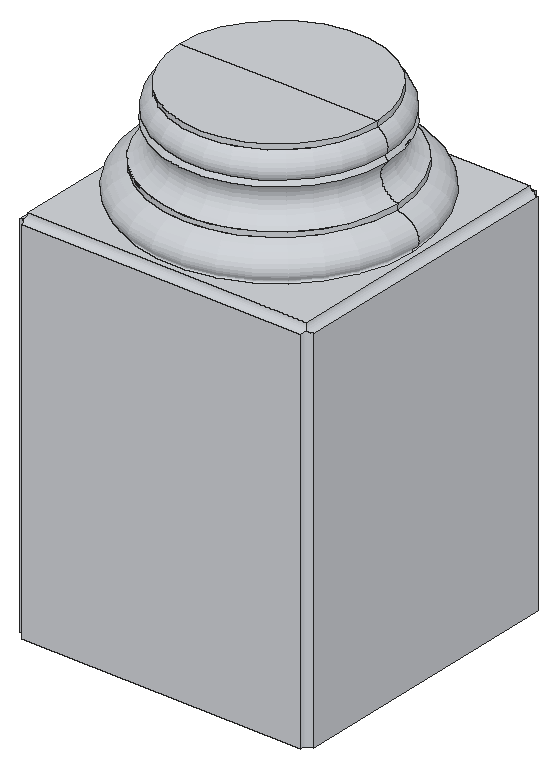
Revit family "OracDecor_K1132", category Обобщенные модели, Revit 2019
Family settings
  Может служить основой для арматурных стержней = Нет
  Размер круглого соединителя = Использовать диаметр
  Тип детали = Нормальный
  На основе рабочей плоскости = Нет
  Всегда вертикально = Да
  При загрузке вырезать с полостями = Нет
  Общий = Нет
  Точка расчета площади = Нет
Parameters
  Изготовитель = "Family from POCHERTEAM"  # constant formula
  URL = "t.me/pocherteam"
Reference planes
  plane 1 "По центру (Вперед/Назад)": y = 0
  plane 2: z = 0
  plane 3 "По центру (Влево/Вправо)": x = 0
Forms (mm)
  Extrusion 1, void
    sketch origin (0, 0, 0) x (1, 0, 0) y (0, 0, 1)
      loop
        line (0, 450) -> (0, 441)
        arc (0, 441) -> (6.364, 443.636) -> (9, 450) r 9
        line (9, 450) -> (0, 450)
      loop
        line (350, 450) -> (341, 450)
        arc (341, 450) -> (343.636, 443.636) -> (350, 441) r 9
        line (350, 441) -> (350, 450)
    from 0 to 350
  Extrusion 2, solid
    sketch origin (0, -175, 0) x (1, 0, 0) y (0, 1, 0)
      loop
        line (0, 175) -> (0, -175) -> (350, -175) -> (350, 175) -> (0, 175)
    from 0 to 450
  Extrusion 3, void
    sketch origin (0, -175, 0) x (1, 0, 0) y (0, 1, 0)
      loop
        line (0, -175) -> (9, -175)
        arc (9, -175) -> (6.364, -168.636) -> (0, -166) r 9
        line (0, -166) -> (0, -175)
      loop
        line (350, -175) -> (350, -166)
        arc (350, -166) -> (343.636, -168.636) -> (341, -175) r 9
        line (341, -175) -> (350, -175)
      loop
        line (0, 175) -> (0, 166)
        arc (0, 166) -> (6.364, 168.636) -> (9, 175) r 9
        line (9, 175) -> (0, 175)
      loop
        line (350, 175) -> (341, 175)
        arc (341, 175) -> (343.636, 168.636) -> (350, 166) r 9
        line (350, 166) -> (350, 175)
    from 0 to 450
  Revolve 4, solid
    sketch origin (0, -175, 0) x (1, 0, 0) y (0, 0, 1)
      loop
        line (175, 450) -> (334.5, 450)
        spline (334.5, 450) -> (333.499, 451.265) -> (333.893, 452.984) -> (335.252, 454.268) -> (337.138, 455.491) -> (339.111, 457.147) -> (340.732, 459.723) -> (341.545, 463.403) -> (341.064, 467.941) -> (338.804, 473.059) -> (334.281, 478.477) -> (327.008, 483.918) -> (316.5, 489.104)
        line (316.5, 489.104) -> (316.5, 495)
        spline (316.5, 495) -> (311.673, 497.065) -> (307.439, 499.512) -> (303.83, 502.3) -> (300.88, 505.387) -> (298.623, 508.734) -> (297.091, 512.3) -> (296.318, 516.043) -> (296.337, 519.923) -> (297.181, 523.9) -> (298.884, 527.931) -> (301.479, 531.978) -> (304.998, 535.998)
        line (304.998, 535.998) -> (301.096, 541.368)
        spline (301.096, 541.368) -> (302.76, 543.384) -> (303.907, 545.552) -> (304.563, 547.843) -> (304.754, 550.228) -> (304.503, 552.679) -> (303.836, 555.164) -> (302.778, 557.657) -> (301.355, 560.126) -> (299.59, 562.543) -> (297.509, 564.88) -> (295.138, 567.106) -> (292.5, 569.192)
        line (292.5, 569.192) -> (292.5, 575) -> (175, 575) -> (175, 450)
      axis (175, 450) -> (175, 575)
    angle from 0 to 360
  Extrusion 5, void
    sketch origin (0, 0, 0) x (0, 1, 0) y (0, 0, 1)
      loop
        line (0, 450) -> (-9, 450)
        arc (-9, 450) -> (-6.364, 443.636) -> (0, 441) r 9
        line (0, 441) -> (0, 450)
      loop
        line (-350, 450) -> (-350, 441)
        arc (-350, 441) -> (-343.636, 443.636) -> (-341, 450) r 9
        line (-341, 450) -> (-350, 450)
    from 0 to 350
Cuts and joins
  Extrusion 1, Extrusion 3, Extrusion 5 cuts Extrusion 2
Dimensions and locks
  cut or joined group of Extrusion 1, Extrusion 2, Extrusion 3, Extrusion 5 to plane 1 "По центру (Вперед/Назад)" = 350 mm
  plane 3 "По центру (Влево/Вправо)" to cut or joined group of Extrusion 1, Extrusion 2, Extrusion 3, Extrusion 5 = 350 mm
  Revolve 4 to level = 575 mm
  cut or joined group of Extrusion 1, Extrusion 2, Extrusion 3, Extrusion 5 to plane 3 "По центру (Влево/Вправо)" = 350 mm
  aligned and locked: level to plane 2
